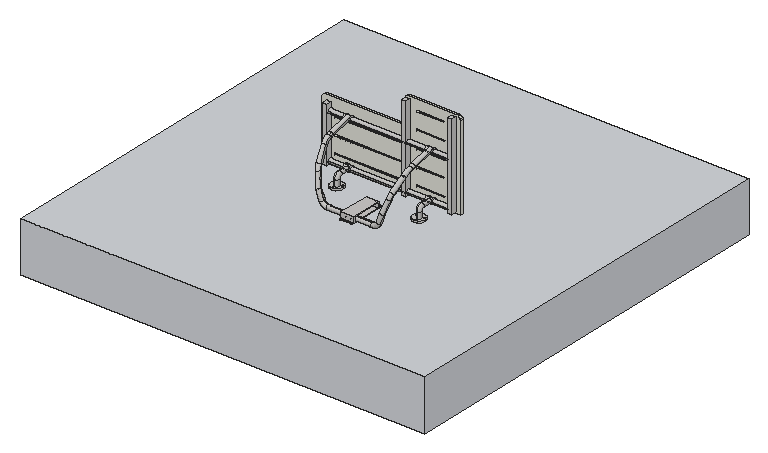
Revit family (continued)
Definition of nested family "Right"
  Definition of nested family "Up Position"
    Parameters (values of type "Support")
      Default Elevation = 4' - 0"
      Copyright = "©Arcat Inc."
      Construction Details = ""
      Building Codes = ""
      Assembly Code = "C1030200"
      Angle = 90.00°
    Reference planes (in)
      plane 1 "Center (Front/Back)": y = 0
      plane 2: z = 0
      plane 3 "Center (Left/Right)": x = 0
      plane 4: y = 6.75
      plane 5: y = -6.75
      plane 6: x = -16
      plane 7: x = 16
      plane 8: z = 12
    Forms (in)
      Extrusion 1, solid
        sketch origin (0, 0, 0) x (1, 0, 0) y (0, 1, 0)
          loop
            line (-48, 48) -> (-48, -48) -> (48, -48) -> (48, 48) -> (-48, 48)
        from 0 to -12
      Sweep 2, solid, material <- "Tube", visible <- "Lock"
        path origin (0, 0, 0) x (1, 0, 0) y (0, 0, 1)
          loop
            line (0, 0.71616) -> (-3.84674, 0.71616)
            arc (-3.84674, 0.71616) -> (-4.76312, 1.0051) -> (-5.34804, 1.76739) r 1.59766
            line (-5.34804, 1.76739) -> (-6.16678, 4.01685)
        profile origin (-1.92337, 0, 0.71616) x (0, 0, -1) y (0, -1, 0)
          loop
            circle (0, 10.05469) r 0.5
      Revolve 3, solid, not visible
        sketch origin (-4.96082, 1.5, 2.49157) x (-0.292372, 0, 0.956305) y (0, -1, 0)
          loop
            line (11.25, 0) -> (11.75, 0) -> (11.75, 5.25) -> (11.25, 5.25) -> (11.25, 0)
          axis (11.25, 0) -> (11.25, 5.25)
        angle from 0 to 360
      Sweep 4, solid, not visible
        path origin (-4.96082, 1.5, 2.49157) x (-0.292372, 0, 0.956305) y (0, -1, 0)
          loop
            line (11.25, 5.25) -> (11.25, 5.9655)
            arc (11.25, 5.9655) -> (11.09688, 6.68136) -> (10.66433, 7.27195) r 1.75
            line (10.66433, 7.27195) -> (6.65381, 10.84619)
        profile origin (-8.25, -4.10775, 13.25) x (0.292372, 0, -0.956305) y (0.956305, 0, 0.292372)
          loop
            circle (0, 0) r 0.5
      Sweep 5, solid, not visible
        path origin (-4.96082, 1.5, 2.49157) x (-0.292372, 0, 0.956305) y (0, -1, 0)
          loop
            line (6.65381, 10.84619) -> (6.23813, 11.26187)
            arc (6.23813, 11.26187) -> (5.72015, 11.6197) -> (5.10905, 11.77108) r 1.75
            line (5.10905, 11.77108) -> (0.66447, 12.04681)
        profile origin (-6.84544, -9.55403, 8.65588) x (0.206738, 0.707107, -0.67621) y (0.956305, 0, 0.292372)
          loop
            circle (0, 0) r 0.5
      Sweep 6, solid, not visible
        path origin (0, 0, 0) x (1, 0, 0) y (0, 0, 1)
          loop
            line (-5.21645, 3.30032) -> (-4.65809, 1.76624)
            arc (-4.65809, 1.76624) -> (-4.0738, 1.00478) -> (-3.15842, 0.71616) r 1.59591
            line (-3.15842, 0.71616) -> (0, 0.71616)
        profile origin (-4.93727, 0, 2.53328) x (0.939693, 0, 0.34202) y (0, -1, 0)
          loop
            circle (0, 10.53906) r 0.5
      Revolve 7, solid, not visible
        sketch origin (4.96082, 1.5, 2.49157) x (0.292372, 0, 0.956305) y (0, 1, 0)
          loop
            line (11.25, 0) -> (11.25, -5.25) -> (11.75, -5.25) -> (11.75, 0) -> (11.25, 0)
          axis (11.25, 0) -> (11.25, -5.25)
        angle from 0 to 360
      Sweep 8, solid, not visible
        path origin (4.96082, 1.5, 2.49157) x (0.292372, 0, 0.956305) y (0, 1, 0)
          loop
            line (11.25, -5.25) -> (11.25, -5.9655)
            arc (11.25, -5.9655) -> (11.09688, -6.68136) -> (10.66433, -7.27195) r 1.75
            line (10.66433, -7.27195) -> (6.65381, -10.84619)
        profile origin (8.25, -4.10775, 13.25) x (0.292372, 0, 0.956305) y (-0.956305, 0, 0.292372)
          loop
            circle (0, 0) r 0.5
      Sweep 9, solid, not visible
        path origin (4.96082, 1.5, 2.49157) x (0.292372, 0, 0.956305) y (0, 1, 0)
          loop
            line (6.65381, -10.84619) -> (6.23813, -11.26187)
            arc (6.23813, -11.26187) -> (5.72015, -11.6197) -> (5.10905, -11.77108) r 1.75
            line (5.10905, -11.77108) -> (0.66447, -12.04681)
        profile origin (6.84544, -9.55403, 8.65588) x (0.206738, -0.707107, 0.67621) y (-0.956305, 0, 0.292372)
          loop
            circle (0, 0) r 0.5
      Sweep 10, solid, not visible
        path origin (0, 0, 0) x (-1, 0, 0) y (0, 0, 1)
          loop
            line (-5.21645, 3.30032) -> (-4.65809, 1.76624)
            arc (-4.65809, 1.76624) -> (-4.0738, 1.00478) -> (-3.15842, 0.71616) r 1.59591
            line (-3.15842, 0.71616) -> (0, 0.71616)
        profile origin (4.93727, 0, 2.53328) x (0.939693, 0, -0.34202) y (0, -1, 0)
          loop
            circle (0, 10.53906) r 0.5
      Sweep 11, solid, material <- "Tube", visible <- "Lock"
        path origin (0, 1.5, 2) x (0, 0, 1) y (0, -1, 0)
          loop
            line (11.25, 0) -> (9.8265, 5.31259)
        profile origin (0, -1.1563, 12.53825) x (0, 0.258819, -0.965926) y (1, 0, 0)
          loop
            circle (0, -8.25) r 0.5
      Sweep 12, solid, material <- "Tube", visible <- "Lock"
        path origin (2.25548, 1.5, 4.46009) x (-0.258819, 0, 0.965926) y (0, -1, 0)
          loop
            line (9.8265, 5.31259) -> (9.63073, 6.04319)
            arc (9.63073, 6.04319) -> (9.24763, 6.92427) -> (8.62366, 7.65484) r 3.25
            line (8.62366, 7.65484) -> (6.16605, 9.79121)
        profile origin (-0.26247, -4.17789, 13.85721) x (0.25, 0.258819, -0.933013) y (0.965926, 0, 0.258819)
          loop
            circle (0, -8.25) r 0.5
      Sweep 13, solid, material <- "Tube", visible <- "Lock"
        path origin (2.25548, 1.5, 4.46009) x (-0.258819, 0, 0.965926) y (0, -1, 0)
          loop
            line (6.16605, 9.79121) -> (5.78463, 10.12278)
            arc (5.78463, 10.12278) -> (5.26674, 10.48205) -> (4.68337, 10.72071) r 2.89483
            line (4.68337, 10.72071) -> (1.61389, 11.60087)
        profile origin (0.70895, -8.457, 10.23182) x (0.169801, 0.75471, -0.633704) y (0.965926, 0, 0.258819)
          loop
            circle (0, -8.25) r 0.5
      Sweep 14, solid, material <- "Tube", visible <- "Lock"
        path origin (0, 0, 0) x (-1, 0, 0) y (0, 0, 1)
          loop
            line (0, 0.71616) -> (-3.84674, 0.71616)
            arc (-3.84674, 0.71616) -> (-4.76312, 1.0051) -> (-5.34804, 1.76739) r 1.59766
            line (-5.34804, 1.76739) -> (-6.16678, 4.01685)
        profile origin (1.92337, 0, 0.71616) x (0, 0, 1) y (0, -1, 0)
          loop
            circle (0, 10.05469) r 0.5
      Sweep 15, solid, material <- "Tube", visible <- "Lock"
        path origin (0, 1.5, 2) x (0, 0, 1) y (0, 1, 0)
          loop
            line (11.25, 0) -> (9.8265, -5.31259)
        profile origin (0, -1.1563, 12.53825) x (0, -0.258819, 0.965926) y (-1, 0, 0)
          loop
            circle (0, -8.25) r 0.5
      Sweep 16, solid, material <- "Tube", visible <- "Lock"
        path origin (-2.25548, 1.5, 4.46009) x (0.258819, 0, 0.965926) y (0, 1, 0)
          loop
            line (9.8265, -5.31259) -> (9.63073, -6.04319)
            arc (9.63073, -6.04319) -> (9.24763, -6.92427) -> (8.62366, -7.65484) r 3.25
            line (8.62366, -7.65484) -> (6.16605, -9.79121)
        profile origin (0.26247, -4.17789, 13.85721) x (0.25, -0.258819, 0.933013) y (-0.965926, 0, 0.258819)
          loop
            circle (0, -8.25) r 0.5
      Sweep 17, solid, material <- "Tube", visible <- "Lock"
        path origin (-2.25548, 1.5, 4.46009) x (0.258819, 0, 0.965926) y (0, 1, 0)
          loop
            line (6.16605, -9.79121) -> (5.78463, -10.12278)
            arc (5.78463, -10.12278) -> (5.26674, -10.48205) -> (4.68337, -10.72071) r 2.89483
            line (4.68337, -10.72071) -> (1.61389, -11.60087)
        profile origin (-0.70895, -8.457, 10.23182) x (0.169801, -0.75471, 0.633704) y (-0.965926, 0, 0.258819)
          loop
            circle (0, -8.25) r 0.5
      Sweep 18, solid, not visible
        path origin (0, 0, 0) x (1, 0, 0) y (0, 0, 1)
          loop
            line (0, 0.71616) -> (-3.84674, 0.71616)
            arc (-3.84674, 0.71616) -> (-4.76312, 1.0051) -> (-5.34804, 1.76739) r 1.59766
            line (-5.34804, 1.76739) -> (-6.16678, 4.01685)
        profile origin (-1.92337, 0, 0.71616) x (0, 0, -1) y (0, -1, 0)
          loop
            circle (0, 10.05469) r 0.5
      Sweep 19, solid, not visible
        path origin (0, 1.5, 2) x (0, 0, 1) y (0, -1, 0)
          loop
            line (11.25, 0) -> (9.8265, 5.31259)
        profile origin (0, -1.1563, 12.53825) x (0, 0.258819, -0.965926) y (1, 0, 0)
          loop
            circle (0, -8.25) r 0.5
      Sweep 20, solid, not visible
        path origin (2.25548, 1.5, 4.46009) x (-0.258819, 0, 0.965926) y (0, -1, 0)
          loop
            line (9.8265, 5.31259) -> (9.63073, 6.04319)
            arc (9.63073, 6.04319) -> (9.24763, 6.92427) -> (8.62366, 7.65484) r 3.25
            line (8.62366, 7.65484) -> (6.16605, 9.79121)
        profile origin (-0.26247, -4.17789, 13.85721) x (0.25, 0.258819, -0.933013) y (0.965926, 0, 0.258819)
          loop
            circle (0, -8.25) r 0.5
      Sweep 21, solid, not visible
        path origin (2.25548, 1.5, 4.46009) x (-0.258819, 0, 0.965926) y (0, -1, 0)
          loop
            line (6.16605, 9.79121) -> (5.78463, 10.12278)
            arc (5.78463, 10.12278) -> (5.26674, 10.48205) -> (4.68337, 10.72071) r 2.89483
            line (4.68337, 10.72071) -> (1.61389, 11.60087)
        profile origin (0.70895, -8.457, 10.23182) x (0.169801, 0.75471, -0.633704) y (0.965926, 0, 0.258819)
          loop
            circle (0, -8.25) r 0.5
      Sweep 22, solid, not visible
        path origin (0, 0, 0) x (-1, 0, 0) y (0, 0, 1)
          loop
            line (0, 0.71616) -> (-3.84674, 0.71616)
            arc (-3.84674, 0.71616) -> (-4.76312, 1.0051) -> (-5.34804, 1.76739) r 1.59766
            line (-5.34804, 1.76739) -> (-6.16678, 4.01685)
        profile origin (1.92337, 0, 0.71616) x (0, 0, 1) y (0, -1, 0)
          loop
            circle (0, 10.05469) r 0.5
      Sweep 23, solid, not visible
        path origin (0, 1.5, 2) x (0, 0, 1) y (0, 1, 0)
          loop
            line (11.25, 0) -> (9.8265, -5.31259)
        profile origin (0, -1.1563, 12.53825) x (0, -0.258819, 0.965926) y (-1, 0, 0)
          loop
            circle (0, -8.25) r 0.5
      Sweep 24, solid, not visible
        path origin (-2.25548, 1.5, 4.46009) x (0.258819, 0, 0.965926) y (0, 1, 0)
          loop
            line (9.8265, -5.31259) -> (9.63073, -6.04319)
            arc (9.63073, -6.04319) -> (9.24763, -6.92427) -> (8.62366, -7.65484) r 3.25
            line (8.62366, -7.65484) -> (6.16605, -9.79121)
        profile origin (0.26247, -4.17789, 13.85721) x (0.25, -0.258819, 0.933013) y (-0.965926, 0, 0.258819)
          loop
            circle (0, -8.25) r 0.5
      Sweep 25, solid, not visible
        path origin (-2.25548, 1.5, 4.46009) x (0.258819, 0, 0.965926) y (0, 1, 0)
          loop
            line (6.16605, -9.79121) -> (5.78463, -10.12278)
            arc (5.78463, -10.12278) -> (5.26674, -10.48205) -> (4.68337, -10.72071) r 2.89483
            line (4.68337, -10.72071) -> (1.61389, -11.60087)
        profile origin (-0.70895, -8.457, 10.23182) x (0.169801, -0.75471, 0.633704) y (-0.965926, 0, 0.258819)
          loop
            circle (0, -8.25) r 0.5
    Dimensions and locks (in)
      plane 8 to level = 1' - 0"
      equal spacing: plane 4, plane 1 "Center (Front/Back)", plane 5
      "Unit Width": plane 4 to plane 5
      equal spacing: plane 6, plane 3 "Center (Left/Right)", plane 7
      "Unit Length": plane 6 to plane 7
      aligned and locked: plane 2 to Extrusion 1
      aligned and locked: level to Extrusion 1
    Automatic sketch dimensions
      Revolve 3 sketch curve to Revolve 3 sketch curve = 0' - 0"
      Revolve 3 sketch curve to Revolve 3 sketch curve = 0' - 0 1/2"  (x3)
      Sweep 4 sketch curve to Sweep 4 sketch curve = 0' - 2.84619"
      Sweep 4 sketch curve to Sweep 4 sketch curve = 0' - 1.16433"
      Sweep 4 sketch curve to Sweep 4 sketch curve = 0' - 0.7155"
      Sweep 4 sketch curve to profile plane = 0' - 0"  (x2)
      Sweep 5 sketch curve to Sweep 5 sketch curve = 0' - 4.33622"
      Sweep 5 sketch curve to Sweep 5 sketch curve = 0' - 0.10836"
      Sweep 5 sketch curve to Sweep 5 sketch curve = 0' - 1.12908"
      Sweep 5 sketch curve to Sweep 5 sketch curve = 0' - 0.41568"  (x2)
      Sweep 5 sketch curve to profile plane = 0' - 0"  (x2)
      Sweep 6 sketch curve to Sweep 6 sketch curve = 0' - 1.49967"
      Sweep 6 sketch curve to Sweep 6 sketch curve = 0' - 0.55836"
      Sweep 6 sketch curve to profile plane = 0' - 0"
      Revolve 7 sketch curve to Revolve 7 sketch curve = 0' - 0"
      Revolve 7 sketch curve to Revolve 7 sketch curve = 0' - 0 1/2"  (x3)
      Sweep 8 sketch curve to Sweep 8 sketch curve = 0' - 2.84619"
      Sweep 8 sketch curve to Sweep 8 sketch curve = 0' - 1.16433"
      Sweep 8 sketch curve to Sweep 8 sketch curve = 0' - 0.7155"
      Sweep 8 sketch curve to profile plane = 0' - 0"  (x2)
      Sweep 9 sketch curve to Sweep 9 sketch curve = 0' - 4.33622"
      Sweep 9 sketch curve to Sweep 9 sketch curve = 0' - 0.10836"
      Sweep 9 sketch curve to Sweep 9 sketch curve = 0' - 1.12908"
      Sweep 9 sketch curve to Sweep 9 sketch curve = 0' - 0.41568"  (x2)
      Sweep 9 sketch curve to profile plane = 0' - 0"  (x2)
      Sweep 10 sketch curve to Sweep 10 sketch curve = 0' - 3.15842"
      Sweep 10 sketch curve to Sweep 10 sketch curve = 0' - 1.49967"
      Sweep 10 sketch curve to Sweep 10 sketch curve = 0' - 0.55836"
      Sweep 10 sketch curve to profile plane = 0' - 0"
      Revolve 3 sketch curve to Revolve 3 sketch curve = 0' - 4 3/4"
      Sweep 4 sketch curve to Sweep 4 sketch curve = 0' - 0.58567"
      Sweep 4 sketch curve to Sweep 4 sketch curve = 0' - 3.57424"
      Sweep 5 sketch curve to Sweep 5 sketch curve = 0' - 0.82176"
      Sweep 5 sketch curve to Sweep 5 sketch curve = 0' - 0.27573"
      Sweep 6 sketch curve to Sweep 6 sketch curve = 0' - 3.15842"
      Sweep 6 sketch curve to Sweep 6 sketch curve = 0' - 1.05008"
      Sweep 6 sketch curve to Sweep 6 sketch curve = 0' - 1.53408"
      profile plane to Sweep 6 sketch curve = 0' - 10 69/128"
      Revolve 7 sketch curve to Revolve 7 sketch curve = 0' - 4 3/4"
      Sweep 8 sketch curve to Sweep 8 sketch curve = 0' - 0.58567"
      Sweep 8 sketch curve to Sweep 8 sketch curve = 0' - 3.57424"
      Sweep 9 sketch curve to Sweep 9 sketch curve = 0' - 0.27573"
      Sweep 9 sketch curve to Sweep 9 sketch curve = 0' - 0.50921"
      Sweep 10 sketch curve to Sweep 10 sketch curve = 0' - 1.05008"
      Sweep 10 sketch curve to Sweep 10 sketch curve = 0' - 1.53408"
      profile plane to Sweep 10 sketch curve = 0' - 10 69/128"
      Extrusion 1 sketch curve to Extrusion 1 sketch curve = 8' - 0"  (x2)
      Sweep 2 sketch curve to Sweep 2 sketch curve = 0' - 1.50131"
      Sweep 2 sketch curve to Sweep 2 sketch curve = 0' - 0.81874"
      Sweep 2 sketch curve to profile plane = 0' - 0"
      Sweep 11 sketch curve to profile plane = 0' - 0"
      Sweep 11 sketch curve to profile plane = 0' - 8 1/4"
      Sweep 12 sketch curve to Sweep 12 sketch curve = 0' - 0.32543"
      Sweep 12 sketch curve to Sweep 12 sketch curve = 0' - 2.13219"
      Sweep 12 sketch curve to Sweep 12 sketch curve = 0' - 1.00707"
      Sweep 12 sketch curve to Sweep 12 sketch curve = 0' - 0.19576"
      Sweep 12 sketch curve to Sweep 12 sketch curve = 0' - 2.45281"
      Sweep 12 sketch curve to profile plane = 0' - 0"
      Sweep 12 sketch curve to profile plane = 0' - 8 1/4"
      Sweep 13 sketch curve to Sweep 13 sketch curve = 0' - 2.27155"
      Sweep 13 sketch curve to Sweep 13 sketch curve = 0' - 0.79792"
      Sweep 13 sketch curve to Sweep 13 sketch curve = 0' - 1.10126"
      Sweep 13 sketch curve to Sweep 13 sketch curve = 0' - 0.38142"
      Sweep 13 sketch curve to profile plane = 0' - 0"
      Sweep 13 sketch curve to profile plane = 0' - 8 1/4"
      Sweep 14 sketch curve to Sweep 14 sketch curve = 0' - 3.84674"
      Sweep 14 sketch curve to Sweep 14 sketch curve = 0' - 1.50131"
      Sweep 14 sketch curve to Sweep 14 sketch curve = 0' - 0.81874"
      Sweep 14 sketch curve to profile plane = 0' - 0"
      Sweep 15 sketch curve to profile plane = 0' - 0"
      Sweep 15 sketch curve to profile plane = 0' - 8 1/4"
      Sweep 16 sketch curve to Sweep 16 sketch curve = 0' - 0.32543"
      Sweep 16 sketch curve to Sweep 16 sketch curve = 0' - 2.13219"
      Sweep 16 sketch curve to Sweep 16 sketch curve = 0' - 1.00707"
      Sweep 16 sketch curve to Sweep 16 sketch curve = 0' - 0.19576"
      Sweep 16 sketch curve to Sweep 16 sketch curve = 0' - 0.7306"
      Sweep 16 sketch curve to profile plane = 0' - 0"
      Sweep 16 sketch curve to profile plane = 0' - 8 1/4"
      Sweep 17 sketch curve to Sweep 17 sketch curve = 0' - 2.27155"
      Sweep 17 sketch curve to Sweep 17 sketch curve = 0' - 0.79792"
      Sweep 17 sketch curve to Sweep 17 sketch curve = 0' - 1.10126"
      Sweep 17 sketch curve to Sweep 17 sketch curve = 0' - 0.38142"
      Sweep 17 sketch curve to profile plane = 0' - 0"
      Sweep 17 sketch curve to profile plane = 0' - 8 1/4"
      Sweep 2 sketch curve to Sweep 2 sketch curve = 0' - 3.84674"
      Sweep 2 sketch curve to Sweep 2 sketch curve = 0' - 1.05123"
      Sweep 2 sketch curve to Sweep 2 sketch curve = 0' - 2.24947"
      profile plane to Sweep 2 sketch curve = 0' - 10 7/128"
      Sweep 11 sketch curve to Sweep 11 sketch curve = 0' - 1.4235"
      Sweep 11 sketch curve to Sweep 11 sketch curve = 0' - 5.31259"
      Sweep 12 sketch curve to Sweep 12 sketch curve = 0' - 0.7306"
      Sweep 12 sketch curve to Sweep 12 sketch curve = 0' - 2.13637"
      Sweep 13 sketch curve to Sweep 13 sketch curve = 0' - 1.85319"
      Sweep 13 sketch curve to Sweep 13 sketch curve = 0' - 0.33156"
      Sweep 13 sketch curve to Sweep 13 sketch curve = 0' - 0.88016"
      Sweep 14 sketch curve to Sweep 14 sketch curve = 0' - 1.05123"
      Sweep 14 sketch curve to Sweep 14 sketch curve = 0' - 2.24947"
      profile plane to Sweep 14 sketch curve = 0' - 10 7/128"
      Sweep 15 sketch curve to Sweep 15 sketch curve = 0' - 1.4235"
      Sweep 15 sketch curve to Sweep 15 sketch curve = 0' - 5.31259"
      Sweep 16 sketch curve to Sweep 16 sketch curve = 0' - 2.13637"
      Sweep 16 sketch curve to Sweep 16 sketch curve = 0' - 1.61164"
      Sweep 17 sketch curve to Sweep 17 sketch curve = 0' - 0.88016"
      Sweep 17 sketch curve to Sweep 17 sketch curve = 0' - 0.59793"
      Sweep 17 sketch curve to Sweep 17 sketch curve = 0' - 0.33156"
      Sweep 18 sketch curve to Sweep 18 sketch curve = 0' - 1.50131"
      Sweep 18 sketch curve to Sweep 18 sketch curve = 0' - 0.81874"
      Sweep 18 sketch curve to profile plane = 0' - 0"
      Sweep 19 sketch curve to profile plane = 0' - 0"
      Sweep 19 sketch curve to profile plane = 0' - 8 1/4"
      Sweep 20 sketch curve to Sweep 20 sketch curve = 0' - 0.32543"
      Sweep 20 sketch curve to Sweep 20 sketch curve = 0' - 2.13219"
      Sweep 20 sketch curve to Sweep 20 sketch curve = 0' - 1.00707"
      Sweep 20 sketch curve to Sweep 20 sketch curve = 0' - 0.19576"
      Sweep 20 sketch curve to Sweep 20 sketch curve = 0' - 2.45281"
      Sweep 20 sketch curve to profile plane = 0' - 0"
      Sweep 20 sketch curve to profile plane = 0' - 8 1/4"
      Sweep 21 sketch curve to Sweep 21 sketch curve = 0' - 2.27155"
      Sweep 21 sketch curve to Sweep 21 sketch curve = 0' - 0.79792"
      Sweep 21 sketch curve to Sweep 21 sketch curve = 0' - 1.10126"
      Sweep 21 sketch curve to Sweep 21 sketch curve = 0' - 0.38142"
      Sweep 21 sketch curve to profile plane = 0' - 0"
      Sweep 21 sketch curve to profile plane = 0' - 8 1/4"
      Sweep 22 sketch curve to Sweep 22 sketch curve = 0' - 3.84674"
      Sweep 22 sketch curve to Sweep 22 sketch curve = 0' - 1.50131"
      Sweep 22 sketch curve to Sweep 22 sketch curve = 0' - 0.81874"
      Sweep 22 sketch curve to profile plane = 0' - 0"
      Sweep 23 sketch curve to profile plane = 0' - 0"
      Sweep 23 sketch curve to profile plane = 0' - 8 1/4"
      Sweep 24 sketch curve to Sweep 24 sketch curve = 0' - 0.32543"
      Sweep 24 sketch curve to Sweep 24 sketch curve = 0' - 2.13219"
      Sweep 24 sketch curve to Sweep 24 sketch curve = 0' - 1.00707"
      Sweep 24 sketch curve to Sweep 24 sketch curve = 0' - 0.19576"
      Sweep 24 sketch curve to Sweep 24 sketch curve = 0' - 0.7306"
      Sweep 24 sketch curve to profile plane = 0' - 0"
      Sweep 24 sketch curve to profile plane = 0' - 8 1/4"
      Sweep 25 sketch curve to Sweep 25 sketch curve = 0' - 2.27155"
      Sweep 25 sketch curve to Sweep 25 sketch curve = 0' - 0.79792"
      Sweep 25 sketch curve to Sweep 25 sketch curve = 0' - 1.10126"
      Sweep 25 sketch curve to Sweep 25 sketch curve = 0' - 0.38142"
      Sweep 25 sketch curve to profile plane = 0' - 0"
      Sweep 25 sketch curve to profile plane = 0' - 8 1/4"
      Sweep 18 sketch curve to Sweep 18 sketch curve = 0' - 3.84674"
      Sweep 18 sketch curve to Sweep 18 sketch curve = 0' - 1.05123"
      Sweep 18 sketch curve to Sweep 18 sketch curve = 0' - 2.24947"
      profile plane to Sweep 18 sketch curve = 0' - 10 7/128"
      Sweep 19 sketch curve to Sweep 19 sketch curve = 0' - 1.4235"
      Sweep 19 sketch curve to Sweep 19 sketch curve = 0' - 5.31259"
      Sweep 20 sketch curve to Sweep 20 sketch curve = 0' - 0.7306"
      Sweep 20 sketch curve to Sweep 20 sketch curve = 0' - 2.13637"
      Sweep 21 sketch curve to Sweep 21 sketch curve = 0' - 1.85319"
      Sweep 21 sketch curve to Sweep 21 sketch curve = 0' - 0.33156"
      Sweep 21 sketch curve to Sweep 21 sketch curve = 0' - 0.88016"
      Sweep 22 sketch curve to Sweep 22 sketch curve = 0' - 1.05123"
      Sweep 22 sketch curve to Sweep 22 sketch curve = 0' - 2.24947"
      profile plane to Sweep 22 sketch curve = 0' - 10 7/128"
      Sweep 23 sketch curve to Sweep 23 sketch curve = 0' - 1.4235"
      Sweep 23 sketch curve to Sweep 23 sketch curve = 0' - 5.31259"
      Sweep 24 sketch curve to Sweep 24 sketch curve = 0' - 2.13637"
      Sweep 24 sketch curve to Sweep 24 sketch curve = 0' - 1.61164"
      Sweep 25 sketch curve to Sweep 25 sketch curve = 0' - 0.88016"
      Sweep 25 sketch curve to Sweep 25 sketch curve = 0' - 0.59793"
      Sweep 25 sketch curve to Sweep 25 sketch curve = 0' - 0.33156"
      Sweep 2 sketch curve to plane 3 "Center (Left/Right)" = 0' - 0"
      level to Sweep 2 sketch curve = 0' - 0.71616"
      Sweep 11 sketch curve to plane 8 = 0' - 0.1735"
      Sweep 12 sketch curve to plane 5 = 0' - 1.54121"
      Sweep 13 sketch curve to plane 5 = 0' - 3.35087"
      Sweep 14 sketch curve to plane 3 "Center (Left/Right)" = 0' - 0"
      Sweep 14 sketch curve to level = 0' - 0.71616"
      Sweep 15 sketch curve to plane 8 = 0' - 0.1735"
      Sweep 16 sketch curve to plane 5 = 0' - 1.54121"
      Sweep 17 sketch curve to plane 5 = 0' - 3.35087"
      Sweep 11 sketch curve to plane 1 "Center (Front/Back)" = 0' - 1 1/2"
      plane 5 to Sweep 15 sketch curve = 0' - 2.93741"
      radius of Sweep 4 sketch curve = 0' - 0 1/2"
      radius of Sweep 5 sketch curve = 0' - 0 1/2"
      radius of Sweep 6 sketch curve = 0' - 0 1/2"
      radius of Sweep 8 sketch curve = 0' - 0 1/2"
      radius of Sweep 9 sketch curve = 0' - 0 1/2"
      radius of Sweep 10 sketch curve = 0' - 0 1/2"
      radius of Sweep 2 sketch curve = 0' - 0 1/2"
      radius of Sweep 11 sketch curve = 0' - 0 1/2"
      radius of Sweep 12 sketch curve = 0' - 0 1/2"
      radius of Sweep 13 sketch curve = 0' - 0 1/2"
      radius of Sweep 14 sketch curve = 0' - 0 1/2"
      radius of Sweep 15 sketch curve = 0' - 0 1/2"
      radius of Sweep 16 sketch curve = 0' - 0 1/2"
      radius of Sweep 17 sketch curve = 0' - 0 1/2"
      radius of Sweep 18 sketch curve = 0' - 0 1/2"
      radius of Sweep 19 sketch curve = 0' - 0 1/2"
      radius of Sweep 20 sketch curve = 0' - 0 1/2"
      radius of Sweep 21 sketch curve = 0' - 0 1/2"
      radius of Sweep 22 sketch curve = 0' - 0 1/2"
      radius of Sweep 23 sketch curve = 0' - 0 1/2"
      radius of Sweep 24 sketch curve = 0' - 0 1/2"
      radius of Sweep 25 sketch curve = 0' - 0 1/2"
Definition of nested family "Up Position"
  Parameters (values of type "Up Position")
    Warranty Duration (Years) = 0
    Unlock [instance] = yes
    Unit Width = 1' - 1 1/2"
    Unit Length = 2' - 8"
    Unit Depth = 0' - 0"
    URL = "http://www.accessabledesigns.com/default.htm"
    Tube = none
    Test Data = ""
    Specification = "http://arcat.com/sd/clients/accessab.html?coid=41334"
    SpecWizard = ""
    Send Message = "http://www.arcat.com/users.pl?action=UserEmail&company=Access-Able+Designs,+Inc.&coid=41334&rep=145&fax=772-872-3200&mf="
    Sales Information = "http://www.accessabledesigns.com/contact.htm"
    Revision = "R1_7_2012"
    Product Properties = ""
    Product Data = "http://arcat.com/arcatcos/cos41/arc41334.html?isac=1&r=1"
    Model = "As Specified"
    Manufacturer Website = "http://www.accessabledesigns.com/default.htm"
    Manufacturer Phone - Toll Free = "877-853-7816"
    Manufacturer Phone = ""
    Manufacturer Fax = "772-872-3200"
    Manufacturer Address = "494 53rd Square Vero Beach, FL 32968"
    Manufacturer = "Access-able Designs, Inc."
    Maintenance Schedule (Months) = 0
    Keynote = "10820"
    Installation-Fabrication = ""
    Installation Phase = ""
    Green Building-LEED = ""
    Expected Lifespan (Years) = 0
    Drawn By = "Sumex Design, Inc. / Robert S. Weygant, CSI, CDT, SCIP"
    Description = "Access-able Designs Product as Specified"
    Default Elevation = 4' - 0"
    Copyright = "©Arcat Inc."
    Construction Details = ""
    Building Codes = ""
    Assembly Code = "C1030200"
    Angle = 90.00°
  Reference planes (in)
    plane 1 "Center (Front/Back)": y = 0
    plane 2: z = 0
    plane 3 "Center (Left/Right)": x = 0
    plane 4: y = 6.75
    plane 5: y = -6.75
    plane 6: x = -16
    plane 7: x = 16
    plane 8: z = 12
    plane 9 "L": through (-7.39541, -180, 8.60215) normal (0.9659, 0, 0.2588)
    plane 10: x = -8.29236
  Forms (in)
    Extrusion 1, solid
      sketch origin (0, 0, 0) x (1, 0, 0) y (0, 1, 0)
        loop
          line (-48, 48) -> (-48, -48) -> (48, -48) -> (48, 48) -> (-48, 48)
      from 0 to -12
    Revolve 2, solid, not visible
      sketch origin (-4.96082, 1.5, 2.49157) x (-0.292372, 0, 0.956305) y (0, -1, 0)
        loop
          line (11.25, 0) -> (11.75, 0) -> (11.75, 5.25) -> (11.25, 5.25) -> (11.25, 0)
        axis (11.25, 0) -> (11.25, 5.25)
      angle from 0 to 360
    Sweep 3, solid, not visible
      path origin (-4.96082, 1.5, 2.49157) x (-0.292372, 0, 0.956305) y (0, -1, 0)
        loop
          line (11.25, 5.25) -> (11.25, 5.9655)
          arc (11.25, 5.9655) -> (11.09688, 6.68136) -> (10.66433, 7.27195) r 1.75
          line (10.66433, 7.27195) -> (6.65381, 10.84619)
      profile origin (-8.25, -4.10775, 13.25) x (0.292372, 0, -0.956305) y (0.956305, 0, 0.292372)
        loop
          circle (0, 0) r 0.5
    Sweep 4, solid, not visible
      path origin (-4.96082, 1.5, 2.49157) x (-0.292372, 0, 0.956305) y (0, -1, 0)
        loop
          line (6.65381, 10.84619) -> (6.23813, 11.26187)
          arc (6.23813, 11.26187) -> (5.72015, 11.6197) -> (5.10905, 11.77108) r 1.75
          line (5.10905, 11.77108) -> (0.66447, 12.04681)
      profile origin (-6.84544, -9.55403, 8.65588) x (0.206738, 0.707107, -0.67621) y (0.956305, 0, 0.292372)
        loop
          circle (0, 0) r 0.5
    Sweep 5, solid, not visible
      path origin (0, 0, 0) x (1, 0, 0) y (0, 0, 1)
        loop
          line (-5.21645, 3.30032) -> (-4.65809, 1.76624)
          arc (-4.65809, 1.76624) -> (-4.0738, 1.00478) -> (-3.15842, 0.71616) r 1.59591
          line (-3.15842, 0.71616) -> (0, 0.71616)
      profile origin (-4.93727, 0, 2.53328) x (0.939693, 0, 0.34202) y (0, -1, 0)
        loop
          circle (0, 10.53906) r 0.5
    Revolve 6, solid, not visible
      sketch origin (4.96082, 1.5, 2.49157) x (0.292372, 0, 0.956305) y (0, 1, 0)
        loop
          line (11.25, 0) -> (11.25, -5.25) -> (11.75, -5.25) -> (11.75, 0) -> (11.25, 0)
        axis (11.25, 0) -> (11.25, -5.25)
      angle from 0 to 360
    Sweep 7, solid, not visible
      path origin (4.96082, 1.5, 2.49157) x (0.292372, 0, 0.956305) y (0, 1, 0)
        loop
          line (11.25, -5.25) -> (11.25, -5.9655)
          arc (11.25, -5.9655) -> (11.09688, -6.68136) -> (10.66433, -7.27195) r 1.75
          line (10.66433, -7.27195) -> (6.65381, -10.84619)
      profile origin (8.25, -4.10775, 13.25) x (0.292372, 0, 0.956305) y (-0.956305, 0, 0.292372)
        loop
          circle (0, 0) r 0.5
    Sweep 8, solid, not visible
      path origin (4.96082, 1.5, 2.49157) x (0.292372, 0, 0.956305) y (0, 1, 0)
        loop
          line (6.65381, -10.84619) -> (6.23813, -11.26187)
          arc (6.23813, -11.26187) -> (5.72015, -11.6197) -> (5.10905, -11.77108) r 1.75
          line (5.10905, -11.77108) -> (0.66447, -12.04681)
      profile origin (6.84544, -9.55403, 8.65588) x (0.206738, -0.707107, 0.67621) y (-0.956305, 0, 0.292372)
        loop
          circle (0, 0) r 0.5
    Sweep 9, solid, not visible
      path origin (0, 0, 0) x (-1, 0, 0) y (0, 0, 1)
        loop
          line (-5.21645, 3.30032) -> (-4.65809, 1.76624)
          arc (-4.65809, 1.76624) -> (-4.0738, 1.00478) -> (-3.15842, 0.71616) r 1.59591
          line (-3.15842, 0.71616) -> (0, 0.71616)
      profile origin (4.93727, 0, 2.53328) x (0.939693, 0, -0.34202) y (0, -1, 0)
        loop
          circle (0, 10.53906) r 0.5
    Sweep 10, solid, not visible
      path origin (0, 0, 0) x (1, 0, 0) y (0, 0, 1)
        loop
          line (0, 0.71616) -> (-3.84674, 0.71616)
          arc (-3.84674, 0.71616) -> (-4.76312, 1.0051) -> (-5.34804, 1.76739) r 1.59766
          line (-5.34804, 1.76739) -> (-6.16678, 4.01685)
      profile origin (-1.92337, 0, 0.71616) x (0, 0, -1) y (0, -1, 0)
        loop
          circle (0, 10.05469) r 0.5
    Sweep 11, solid, not visible
      path origin (0, 1.5, 2) x (0, 0, 1) y (0, -1, 0)
        loop
          line (11.25, 0) -> (9.8265, 5.31259)
      profile origin (0, -1.1563, 12.53825) x (0, 0.258819, -0.965926) y (1, 0, 0)
        loop
          circle (0, -8.25) r 0.5
    Sweep 12, solid, not visible
      path origin (2.25548, 1.5, 4.46009) x (-0.258819, 0, 0.965926) y (0, -1, 0)
        loop
          line (9.8265, 5.31259) -> (9.63073, 6.04319)
          arc (9.63073, 6.04319) -> (9.24763, 6.92427) -> (8.62366, 7.65484) r 3.25
          line (8.62366, 7.65484) -> (6.16605, 9.79121)
      profile origin (-0.26247, -4.17789, 13.85721) x (0.25, 0.258819, -0.933013) y (0.965926, 0, 0.258819)
        loop
          circle (0, -8.25) r 0.5
    Sweep 13, solid, not visible
      path origin (2.25548, 1.5, 4.46009) x (-0.258819, 0, 0.965926) y (0, -1, 0)
        loop
          line (6.16605, 9.79121) -> (5.78463, 10.12278)
          arc (5.78463, 10.12278) -> (5.26674, 10.48205) -> (4.68337, 10.72071) r 2.89483
          line (4.68337, 10.72071) -> (1.61389, 11.60087)
      profile origin (0.70895, -8.457, 10.23182) x (0.169801, 0.75471, -0.633704) y (0.965926, 0, 0.258819)
        loop
          circle (0, -8.25) r 0.5
    Sweep 14, solid, not visible
      path origin (0, 0, 0) x (-1, 0, 0) y (0, 0, 1)
        loop
          line (0, 0.71616) -> (-3.84674, 0.71616)
          arc (-3.84674, 0.71616) -> (-4.76312, 1.0051) -> (-5.34804, 1.76739) r 1.59766
          line (-5.34804, 1.76739) -> (-6.16678, 4.01685)
      profile origin (1.92337, 0, 0.71616) x (0, 0, 1) y (0, -1, 0)
        loop
          circle (0, 10.05469) r 0.5
    Sweep 15, solid, not visible
      path origin (0, 1.5, 2) x (0, 0, 1) y (0, 1, 0)
        loop
          line (11.25, 0) -> (9.8265, -5.31259)
      profile origin (0, -1.1563, 12.53825) x (0, -0.258819, 0.965926) y (-1, 0, 0)
        loop
          circle (0, -8.25) r 0.5
    Sweep 16, solid, not visible
      path origin (-2.25548, 1.5, 4.46009) x (0.258819, 0, 0.965926) y (0, 1, 0)
        loop
          line (9.8265, -5.31259) -> (9.63073, -6.04319)
          arc (9.63073, -6.04319) -> (9.24763, -6.92427) -> (8.62366, -7.65484) r 3.25
          line (8.62366, -7.65484) -> (6.16605, -9.79121)
      profile origin (0.26247, -4.17789, 13.85721) x (0.25, -0.258819, 0.933013) y (-0.965926, 0, 0.258819)
        loop
          circle (0, -8.25) r 0.5
    Sweep 17, solid, not visible
      path origin (-2.25548, 1.5, 4.46009) x (0.258819, 0, 0.965926) y (0, 1, 0)
        loop
          line (6.16605, -9.79121) -> (5.78463, -10.12278)
          arc (5.78463, -10.12278) -> (5.26674, -10.48205) -> (4.68337, -10.72071) r 2.89483
          line (4.68337, -10.72071) -> (1.61389, -11.60087)
      profile origin (-0.70895, -8.457, 10.23182) x (0.169801, -0.75471, 0.633704) y (-0.965926, 0, 0.258819)
        loop
          circle (0, -8.25) r 0.5
    Sweep 18, solid, material <- "Tube", visible <- "Unlock"
      path in 3D
        loop
          line (9.79236, 10.64473, 13.07715) -> (9.79236, 6.28828, 11.94962) -> (9.74169, 5.55767, 11.76053)
          arc (9.74169, 5.55767, 11.76053) -> (9.64254, 4.6766, 11.39048) -> (9.48104, 3.94603, 10.78777) r 3.25
          line (9.48104, 3.94603, 10.78777) -> (8.74539, 1.47521, 8.04227)
          arc (8.74539, 1.47521, 8.04227) -> (8.61227, 1.1184, 7.54545) -> (8.46231, 0.88137, 6.98582) r 2.875
          line (8.46231, 0.88137, 6.98582) -> (7.66678, 0, 4.01685) -> (6.85459, 0, 1.78538)
          arc (6.85459, 0, 1.78538) -> (6.25965, 0, 1.01004) -> (5.32759, 0, 0.71616) r 1.625
          line (5.32759, 0, 0.71616) -> (-5.32759, 0, 0.71616)
          arc (-5.32759, 0, 0.71616) -> (-6.25965, 0, 1.01004) -> (-6.85459, 0, 1.78538) r 1.625
          line (-6.85459, 0, 1.78538) -> (-7.66678, 0, 4.01685) -> (-8.46231, 0.88137, 6.98582)
          arc (-8.46231, 0.88137, 6.98582) -> (-8.61227, 1.1184, 7.54545) -> (-8.74539, 1.47521, 8.04227) r 2.875
          line (-8.74539, 1.47521, 8.04227) -> (-9.48104, 3.94603, 10.78777)
          arc (-9.48104, 3.94603, 10.78777) -> (-9.64254, 4.6766, 11.39048) -> (-9.74169, 5.55767, 11.76053) r 3.25
          line (-9.74169, 5.55767, 11.76053) -> (-9.79236, 6.28828, 11.94962) -> (-9.79236, 10.64473, 13.07715)
      profile origin (7.26069, 0, 2.90112) x (0.939693, 0, -0.34202) y (0, -1, 0)
        loop
          circle (0, 0) r 0.5
  Lines and regions (in)
    sketch lines
      curve 1: line (7.66678, 0, 4.01685) -> (6.85459, 0, 1.78538)
      curve 2: arc (6.85459, 0, 1.78538) -> (6.25965, 0, 1.01004) -> (5.32759, 0, 0.71616) r 1.625
      curve 3: line (5.32759, 0, 0.71616) -> (-5.32759, 0, 0.71616)
      curve 4: arc (-6.85459, 0, 1.78538) -> (-6.25965, 0, 1.01004) -> (-5.32759, 0, 0.71616) r 1.625
      curve 5: line (-7.66678, 0, 4.01685) -> (-6.85459, 0, 1.78538)
      curve 6: line (-7.66678, 0, 4.01685) -> (-8.46231, 0.88137, 6.98582)
      curve 7: arc (-8.46231, 0.88137, 6.98582) -> (-8.61227, 1.1184, 7.54545) -> (-8.74539, 1.47521, 8.04227) r 2.875
      curve 8: line (-9.48104, 3.94603, 10.78777) -> (-8.74539, 1.47521, 8.04227)
      curve 9: arc (-9.48104, 3.94603, 10.78777) -> (-9.64254, 4.6766, 11.39048) -> (-9.74169, 5.55767, 11.76053) r 3.25
      curve 10: line (-9.79236, 6.28828, 11.94962) -> (-9.74169, 5.55767, 11.76053)
      curve 11: line (-9.79236, 6.28828, 11.94962) -> (-9.79236, 10.64473, 13.07715)
      curve 12: line (7.66678, 0, 4.01685) -> (8.46231, 0.88137, 6.98582)
      curve 13: arc (8.46231, 0.88137, 6.98582) -> (8.61227, 1.1184, 7.54545) -> (8.74539, 1.47521, 8.04227) r 2.875
      curve 14: line (9.48104, 3.94603, 10.78777) -> (8.74539, 1.47521, 8.04227)
      curve 15: arc (9.48104, 3.94603, 10.78777) -> (9.64254, 4.6766, 11.39048) -> (9.74169, 5.55767, 11.76053) r 3.25
      curve 16: line (9.79236, 6.28828, 11.94962) -> (9.74169, 5.55767, 11.76053)
      curve 17: line (9.79236, 6.28828, 11.94962) -> (9.79236, 10.64473, 13.07715)
  Dimensions and locks (in)
    plane 8 to level = 1' - 0"
    equal spacing: plane 4, plane 1 "Center (Front/Back)", plane 5
    "Unit Width": plane 4 to plane 5
    equal spacing: plane 6, plane 3 "Center (Left/Right)", plane 7
    "Unit Length": plane 6 to plane 7
    aligned and locked: plane 2 to Extrusion 1
    aligned and locked: level to Extrusion 1
  Automatic sketch dimensions
    Revolve 2 sketch curve to Revolve 2 sketch curve = 0' - 0"
    Revolve 2 sketch curve to Revolve 2 sketch curve = 0' - 0 1/2"  (x3)
    Sweep 3 sketch curve to Sweep 3 sketch curve = 0' - 2.84619"
    Sweep 3 sketch curve to Sweep 3 sketch curve = 0' - 1.16433"
    Sweep 3 sketch curve to Sweep 3 sketch curve = 0' - 0.7155"
    Sweep 3 sketch curve to profile plane = 0' - 0"  (x2)
    Sweep 4 sketch curve to Sweep 4 sketch curve = 0' - 4.33622"
    Sweep 4 sketch curve to Sweep 4 sketch curve = 0' - 0.10836"
    Sweep 4 sketch curve to Sweep 4 sketch curve = 0' - 1.12908"
    Sweep 4 sketch curve to Sweep 4 sketch curve = 0' - 0.41568"  (x2)
    Sweep 4 sketch curve to profile plane = 0' - 0"  (x2)
    Sweep 5 sketch curve to Sweep 5 sketch curve = 0' - 1.49967"
    Sweep 5 sketch curve to Sweep 5 sketch curve = 0' - 0.55836"
    Sweep 5 sketch curve to profile plane = 0' - 0"
    Revolve 6 sketch curve to Revolve 6 sketch curve = 0' - 0"
    Revolve 6 sketch curve to Revolve 6 sketch curve = 0' - 0 1/2"  (x3)
    Sweep 7 sketch curve to Sweep 7 sketch curve = 0' - 2.84619"
    Sweep 7 sketch curve to Sweep 7 sketch curve = 0' - 1.16433"
    Sweep 7 sketch curve to Sweep 7 sketch curve = 0' - 0.7155"
    Sweep 7 sketch curve to profile plane = 0' - 0"  (x2)
    Sweep 8 sketch curve to Sweep 8 sketch curve = 0' - 4.33622"
    Sweep 8 sketch curve to Sweep 8 sketch curve = 0' - 0.10836"
    Sweep 8 sketch curve to Sweep 8 sketch curve = 0' - 1.12908"
    Sweep 8 sketch curve to Sweep 8 sketch curve = 0' - 0.41568"  (x2)
    Sweep 8 sketch curve to profile plane = 0' - 0"  (x2)
    Sweep 9 sketch curve to Sweep 9 sketch curve = 0' - 3.15842"
    Sweep 9 sketch curve to Sweep 9 sketch curve = 0' - 1.49967"
    Sweep 9 sketch curve to Sweep 9 sketch curve = 0' - 0.55836"
    Sweep 9 sketch curve to profile plane = 0' - 0"
    Revolve 2 sketch curve to Revolve 2 sketch curve = 0' - 4 3/4"
    Sweep 3 sketch curve to Sweep 3 sketch curve = 0' - 0.58567"
    Sweep 3 sketch curve to Sweep 3 sketch curve = 0' - 3.57424"
    Sweep 4 sketch curve to Sweep 4 sketch curve = 0' - 0.82176"
    Sweep 4 sketch curve to Sweep 4 sketch curve = 0' - 0.27573"
    Sweep 5 sketch curve to Sweep 5 sketch curve = 0' - 3.15842"
    Sweep 5 sketch curve to Sweep 5 sketch curve = 0' - 1.05008"
    Sweep 5 sketch curve to Sweep 5 sketch curve = 0' - 1.53408"
    profile plane to Sweep 5 sketch curve = 0' - 10 69/128"
    Revolve 6 sketch curve to Revolve 6 sketch curve = 0' - 4 3/4"
    Sweep 7 sketch curve to Sweep 7 sketch curve = 0' - 0.58567"
    Sweep 7 sketch curve to Sweep 7 sketch curve = 0' - 3.57424"
    Sweep 8 sketch curve to Sweep 8 sketch curve = 0' - 0.27573"
    Sweep 8 sketch curve to Sweep 8 sketch curve = 0' - 0.50921"
    Sweep 9 sketch curve to Sweep 9 sketch curve = 0' - 1.05008"
    Sweep 9 sketch curve to Sweep 9 sketch curve = 0' - 1.53408"
    profile plane to Sweep 9 sketch curve = 0' - 10 69/128"
    Extrusion 1 sketch curve to Extrusion 1 sketch curve = 8' - 0"  (x2)
    Sweep 10 sketch curve to Sweep 10 sketch curve = 0' - 1.50131"
    Sweep 10 sketch curve to Sweep 10 sketch curve = 0' - 0.81874"
    Sweep 10 sketch curve to profile plane = 0' - 0"
    Sweep 11 sketch curve to profile plane = 0' - 0"
    Sweep 11 sketch curve to profile plane = 0' - 8 1/4"
    Sweep 12 sketch curve to Sweep 12 sketch curve = 0' - 0.32543"
    Sweep 12 sketch curve to Sweep 12 sketch curve = 0' - 2.13219"
    Sweep 12 sketch curve to Sweep 12 sketch curve = 0' - 1.00707"
    Sweep 12 sketch curve to Sweep 12 sketch curve = 0' - 0.19576"
    Sweep 12 sketch curve to Sweep 12 sketch curve = 0' - 2.45281"
    Sweep 12 sketch curve to profile plane = 0' - 0"
    Sweep 12 sketch curve to profile plane = 0' - 8 1/4"
    Sweep 13 sketch curve to Sweep 13 sketch curve = 0' - 2.27155"
    Sweep 13 sketch curve to Sweep 13 sketch curve = 0' - 0.79792"
    Sweep 13 sketch curve to Sweep 13 sketch curve = 0' - 1.10126"
    Sweep 13 sketch curve to Sweep 13 sketch curve = 0' - 0.38142"
    Sweep 13 sketch curve to profile plane = 0' - 0"
    Sweep 13 sketch curve to profile plane = 0' - 8 1/4"
    Sweep 14 sketch curve to Sweep 14 sketch curve = 0' - 3.84674"
    Sweep 14 sketch curve to Sweep 14 sketch curve = 0' - 1.50131"
    Sweep 14 sketch curve to Sweep 14 sketch curve = 0' - 0.81874"
    Sweep 14 sketch curve to profile plane = 0' - 0"
    Sweep 15 sketch curve to profile plane = 0' - 0"
    Sweep 15 sketch curve to profile plane = 0' - 8 1/4"
    Sweep 16 sketch curve to Sweep 16 sketch curve = 0' - 0.32543"
    Sweep 16 sketch curve to Sweep 16 sketch curve = 0' - 2.13219"
    Sweep 16 sketch curve to Sweep 16 sketch curve = 0' - 1.00707"
    Sweep 16 sketch curve to Sweep 16 sketch curve = 0' - 0.19576"
    Sweep 16 sketch curve to Sweep 16 sketch curve = 0' - 0.7306"
    Sweep 16 sketch curve to profile plane = 0' - 0"
    Sweep 16 sketch curve to profile plane = 0' - 8 1/4"
    Sweep 17 sketch curve to Sweep 17 sketch curve = 0' - 2.27155"
    Sweep 17 sketch curve to Sweep 17 sketch curve = 0' - 0.79792"
    Sweep 17 sketch curve to Sweep 17 sketch curve = 0' - 1.10126"
    Sweep 17 sketch curve to Sweep 17 sketch curve = 0' - 0.38142"
    Sweep 17 sketch curve to profile plane = 0' - 0"
    Sweep 17 sketch curve to profile plane = 0' - 8 1/4"
    Sweep 10 sketch curve to Sweep 10 sketch curve = 0' - 3.84674"
    Sweep 10 sketch curve to Sweep 10 sketch curve = 0' - 1.05123"
    Sweep 10 sketch curve to Sweep 10 sketch curve = 0' - 2.24947"
    profile plane to Sweep 10 sketch curve = 0' - 10 7/128"
    Sweep 11 sketch curve to Sweep 11 sketch curve = 0' - 1.4235"
    Sweep 11 sketch curve to Sweep 11 sketch curve = 0' - 5.31259"
    Sweep 12 sketch curve to Sweep 12 sketch curve = 0' - 0.7306"
    Sweep 12 sketch curve to Sweep 12 sketch curve = 0' - 2.13637"
    Sweep 13 sketch curve to Sweep 13 sketch curve = 0' - 1.85319"
    Sweep 13 sketch curve to Sweep 13 sketch curve = 0' - 0.33156"
    Sweep 13 sketch curve to Sweep 13 sketch curve = 0' - 0.88016"
    Sweep 14 sketch curve to Sweep 14 sketch curve = 0' - 1.05123"
    Sweep 14 sketch curve to Sweep 14 sketch curve = 0' - 2.24947"
    profile plane to Sweep 14 sketch curve = 0' - 10 7/128"
    Sweep 15 sketch curve to Sweep 15 sketch curve = 0' - 1.4235"
    Sweep 15 sketch curve to Sweep 15 sketch curve = 0' - 5.31259"
    Sweep 16 sketch curve to Sweep 16 sketch curve = 0' - 2.13637"
    Sweep 16 sketch curve to Sweep 16 sketch curve = 0' - 1.61164"
    Sweep 17 sketch curve to Sweep 17 sketch curve = 0' - 0.88016"
    Sweep 17 sketch curve to Sweep 17 sketch curve = 0' - 0.59793"
    Sweep 17 sketch curve to Sweep 17 sketch curve = 0' - 0.33156"
    Sweep 18 sketch curve to profile plane = 0' - 0"  (x2)
    radius of Sweep 3 sketch curve = 0' - 0 1/2"
    radius of Sweep 4 sketch curve = 0' - 0 1/2"
    radius of Sweep 5 sketch curve = 0' - 0 1/2"
    radius of Sweep 7 sketch curve = 0' - 0 1/2"
    radius of Sweep 8 sketch curve = 0' - 0 1/2"
    radius of Sweep 9 sketch curve = 0' - 0 1/2"
    radius of Sweep 10 sketch curve = 0' - 0 1/2"
    radius of Sweep 11 sketch curve = 0' - 0 1/2"
    radius of Sweep 12 sketch curve = 0' - 0 1/2"
    radius of Sweep 13 sketch curve = 0' - 0 1/2"
    radius of Sweep 14 sketch curve = 0' - 0 1/2"
    radius of Sweep 15 sketch curve = 0' - 0 1/2"
    radius of Sweep 16 sketch curve = 0' - 0 1/2"
    radius of Sweep 17 sketch curve = 0' - 0 1/2"
    radius of Sweep 18 sketch curve = 0' - 0 1/2"
Definition of nested family "Left"
  Parameters
    Seating = Solid Phenolic -  Bobrick - Ivory-colored
    Warranty Duration (Years) = 0
    Unit Width = 1' - 10 5/16"
    Unit Length = 2' - 9"
    Unit Depth = 1' - 0 87/128"
    URL = "http://www.accessabledesigns.com/default.htm"
    Left = yes
    Material Finish = Stainless Steel - Bobrick - Satin
    Test Data = ""
    Specification = "http://arcat.com/sd/clients/accessab.html?coid=41334"
    SpecWizard = ""
    Send Message = "http://www.arcat.com/users.pl?action=UserEmail&company=Access-Able+Designs,+Inc.&coid=41334&rep=145&fax=772-872-3200&mf="
    Sales Information = "http://www.accessabledesigns.com/contact.htm"
    Revision = "R1_7_2012"
    Product Properties = ""
    Product Data = "http://arcat.com/arcatcos/cos41/arc41334.html?isac=1&r=1"
    Model = "As Specified"
    Manufacturer Website = "http://www.accessabledesigns.com/default.htm"
    Manufacturer Phone - Toll Free = "877-853-7816"
    Manufacturer Phone = ""
    Manufacturer Fax = "772-872-3200"
    Manufacturer Address = "494 53rd Square Vero Beach, FL 32968"
    Manufacturer = "Access-able Designs, Inc."
    Maintenance Schedule (Months) = 0
    Keynote = "10820"
    Installation-Fabrication = ""
    Installation Phase = ""
    Green Building-LEED = ""
    Expected Lifespan (Years) = 0
    Drawn By = "Sumex Design, Inc. / Robert S. Weygant, CSI, CDT, SCIP"
    Description = "Access-able Designs Product as Specified"
    Default Elevation = 4' - 0"
    Copyright = "©Arcat Inc."
    Construction Details = ""
    Building Codes = ""
    Assembly Code = "C1030200"
    Angle [instance] = 90.00°
  Reference planes (in)
    plane 1 "Center (Front/Back)": y = 0
    plane 2: z = 0
    plane 3 "Center (Left/Right)": x = 0
    plane 4: x = -16.5
    plane 5: x = 16.5
    plane 6: z = 22.3125
    plane 7: y = 1.5
    plane 8: z = 2.5
    plane 9: y = 2.625
    plane 10: y = -10.05469
  Forms (in)
    Extrusion 1, solid
      sketch origin (0, 0, 0) x (1, 0, 0) y (0, 1, 0)
        loop
          line (-48, 48) -> (-48, -48) -> (48, -48) -> (48, 48) -> (-48, 48)
      from 0 to -12
    Extrusion 2, solid, material "Solid Phenolic -  Bobrick - Ivory-colored" <- "Seating", visible <- "Left"
      sketch origin (0, 1.5, 2.5) x (0, 0, 1) y (0, -1, 0)
        loop
          line (-1.125, -0.625) -> (-1.125, -1.125) -> (19.8125, -1.125) -> (19.8125, -0.625) -> (-1.125, -0.625)
      from -16.5 to 16.5
    Extrusion 3, void
      sketch origin (0, 1.5, 2.5) x (0, 0, 1) y (0, -1, 0)
        loop
          line (19.8125, -1.125) -> (19.8125, -0.625) -> (13.3125, -0.625) -> (13.3125, -1.125) -> (19.8125, -1.125)
      from 16.5 to -3.125
    Revolve 4, solid, not visible
      sketch origin (-4.96082, 1.5, 2.49157) x (-0.292372, 0, 0.956305) y (0, -1, 0)
        loop
          line (11.25, 0) -> (11.75, 0) -> (11.75, 5.25) -> (11.25, 5.25) -> (11.25, 0)
        axis (11.25, 0) -> (11.25, 5.25)
      angle from 0 to 360
    Sweep 5, solid, not visible
      path origin (-4.96082, 1.5, 2.49157) x (-0.292372, 0, 0.956305) y (0, -1, 0)
        loop
          line (11.25, 5.25) -> (11.25, 5.9655)
          arc (11.25, 5.9655) -> (11.09688, 6.68136) -> (10.66433, 7.27195) r 1.75
          line (10.66433, 7.27195) -> (6.65381, 10.84619)
      profile origin (-8.25, -4.10775, 13.25) x (0.292372, 0, -0.956305) y (0.956305, 0, 0.292372)
        loop
          circle (0, 0) r 0.5
    Sweep 6, solid, not visible
      path origin (-4.96082, 1.5, 2.49157) x (-0.292372, 0, 0.956305) y (0, -1, 0)
        loop
          line (6.65381, 10.84619) -> (6.23813, 11.26187)
          arc (6.23813, 11.26187) -> (5.72015, 11.6197) -> (5.10905, 11.77108) r 1.75
          line (5.10905, 11.77108) -> (0.66447, 12.04681)
      profile origin (-6.84544, -9.55403, 8.65588) x (0.206738, 0.707107, -0.67621) y (0.956305, 0, 0.292372)
        loop
          circle (0, 0) r 0.5
    Sweep 7, solid, not visible
      path origin (0, 0, 0) x (1, 0, 0) y (0, 0, 1)
        loop
          line (-5.21645, 3.30032) -> (-4.65809, 1.76624)
          arc (-4.65809, 1.76624) -> (-4.0738, 1.00478) -> (-3.15842, 0.71616) r 1.59591
          line (-3.15842, 0.71616) -> (0, 0.71616)
      profile origin (-4.93727, 0, 2.53328) x (0.939693, 0, 0.34202) y (0, -1, 0)
        loop
          circle (0, 10.53906) r 0.5
    Revolve 8, solid, not visible
      sketch origin (4.96082, 1.5, 2.49157) x (0.292372, 0, 0.956305) y (0, 1, 0)
        loop
          line (11.25, 0) -> (11.25, -5.25) -> (11.75, -5.25) -> (11.75, 0) -> (11.25, 0)
        axis (11.25, 0) -> (11.25, -5.25)
      angle from 0 to 360
    Sweep 9, solid, not visible
      path origin (4.96082, 1.5, 2.49157) x (0.292372, 0, 0.956305) y (0, 1, 0)
        loop
          line (11.25, -5.25) -> (11.25, -5.9655)
          arc (11.25, -5.9655) -> (11.09688, -6.68136) -> (10.66433, -7.27195) r 1.75
          line (10.66433, -7.27195) -> (6.65381, -10.84619)
      profile origin (8.25, -4.10775, 13.25) x (0.292372, 0, 0.956305) y (-0.956305, 0, 0.292372)
        loop
          circle (0, 0) r 0.5
    Sweep 10, solid, not visible
      path origin (4.96082, 1.5, 2.49157) x (0.292372, 0, 0.956305) y (0, 1, 0)
        loop
          line (6.65381, -10.84619) -> (6.23813, -11.26187)
          arc (6.23813, -11.26187) -> (5.72015, -11.6197) -> (5.10905, -11.77108) r 1.75
          line (5.10905, -11.77108) -> (0.66447, -12.04681)
      profile origin (6.84544, -9.55403, 8.65588) x (0.206738, -0.707107, 0.67621) y (-0.956305, 0, 0.292372)
        loop
          circle (0, 0) r 0.5
    Sweep 11, solid, not visible
      path origin (0, 0, 0) x (-1, 0, 0) y (0, 0, 1)
        loop
          line (-5.21645, 3.30032) -> (-4.65809, 1.76624)
          arc (-4.65809, 1.76624) -> (-4.0738, 1.00478) -> (-3.15842, 0.71616) r 1.59591
          line (-3.15842, 0.71616) -> (0, 0.71616)
      profile origin (4.93727, 0, 2.53328) x (0.939693, 0, -0.34202) y (0, -1, 0)
        loop
          circle (0, 10.53906) r 0.5
    Extrusion 12, void
      sketch origin (0, 2.625, 1.375) x (0, 0, -1) y (1, 0, 0)
        loop
          arc (-2.77666, -13.29833) -> (-2.52666, -13.54833) -> (-2.27666, -13.29833) r 0.25
          line (-2.27666, -13.29833) -> (-2.27666, 2.70167)
          arc (-2.27666, 2.70167) -> (-2.52666, 2.95167) -> (-2.77666, 2.70167) r 0.25
          line (-2.77666, 2.70167) -> (-2.77666, -13.29833)
        loop
          line (-10.22334, -13.29833) -> (-10.22334, 2.70167)
          arc (-10.22334, 2.70167) -> (-10.47334, 2.95167) -> (-10.72334, 2.70167) r 0.25
          line (-10.72334, 2.70167) -> (-10.72334, -13.29833)
          arc (-10.72334, -13.29833) -> (-10.47334, -13.54833) -> (-10.22334, -13.29833) r 0.25
        loop
          arc (-6.75, -13.29833) -> (-6.5, -13.54833) -> (-6.25, -13.29833) r 0.25
          line (-6.25, -13.29833) -> (-6.25, 2.70167)
          arc (-6.25, 2.70167) -> (-6.5, 2.95167) -> (-6.75, 2.70167) r 0.25
          line (-6.75, 2.70167) -> (-6.75, -13.29833)
        loop
          line (-10.22334, 6.20167) -> (-10.22334, 12.57667)
          arc (-10.22334, 12.57667) -> (-10.47334, 12.82667) -> (-10.72334, 12.57667) r 0.25
          line (-10.72334, 12.57667) -> (-10.72334, 6.20167)
          arc (-10.72334, 6.20167) -> (-10.47334, 5.95167) -> (-10.22334, 6.20167) r 0.25
        loop
          line (-6.25, 6.20167) -> (-6.25, 12.57667)
          arc (-6.25, 12.57667) -> (-6.5, 12.82667) -> (-6.75, 12.57667) r 0.25
          line (-6.75, 12.57667) -> (-6.75, 6.20167)
          arc (-6.75, 6.20167) -> (-6.5, 5.95167) -> (-6.25, 6.20167) r 0.25
        loop
          line (-2.27666, 6.20167) -> (-2.27666, 12.57667)
          arc (-2.27666, 12.57667) -> (-2.52666, 12.82667) -> (-2.77666, 12.57667) r 0.25
          line (-2.77666, 12.57667) -> (-2.77666, 6.20167)
          arc (-2.77666, 6.20167) -> (-2.52666, 5.95167) -> (-2.27666, 6.20167) r 0.25
        loop
          arc (-18.17003, -6.20167) -> (-18.42003, -5.95167) -> (-18.67003, -6.20167) r 0.25
          line (-18.67003, -6.20167) -> (-18.67003, -12.57667)
          arc (-18.67003, -12.57667) -> (-18.42003, -12.82667) -> (-18.17003, -12.57667) r 0.25
          line (-18.17003, -12.57667) -> (-18.17003, -6.20167)
        loop
          arc (-14.19669, -6.20167) -> (-14.44669, -5.95167) -> (-14.69669, -6.20167) r 0.25
          line (-14.69669, -6.20167) -> (-14.69669, -12.57667)
          arc (-14.69669, -12.57667) -> (-14.44669, -12.82667) -> (-14.19669, -12.57667) r 0.25
          line (-14.19669, -12.57667) -> (-14.19669, -6.20167)
        loop
          line (-19.9375, -3.125) -> (-19.9375, -2.875) -> (-21.1875, -2.875) -> (-21.1875, -4.125) -> (-20.9375, -4.125)
          arc (-20.9375, -4.125) -> (-20.64461, -3.41789) -> (-19.9375, -3.125) r 1
        loop
          line (-20.9375, -15.5) -> (-21.34446, -15.5) -> (-21.34446, -17) -> (-19.9375, -17) -> (-19.9375, -16.5)
          arc (-19.9375, -16.5) -> (-20.64461, -16.20711) -> (-20.9375, -15.5) r 1
        loop
          line (-13.4375, 16.5) -> (-13.4375, 17.75) -> (-15.4375, 17.75) -> (-15.4375, 15.5) -> (-14.4375, 15.5)
          arc (-14.4375, 15.5) -> (-14.14461, 16.20711) -> (-13.4375, 16.5) r 1
      from 0 to 0.5
    Extrusion 13, solid, material "Stainless Steel - Bobrick - Satin" <- "Material Finish", visible <- "Left"
      sketch origin (0, 1.5, 2.5) x (0, 0, 1) y (0, -1, 0)
        loop
          line (-0.875, 0.625) -> (-0.875, -0.625) -> (12.125, -0.625) -> (12.125, 0.625) -> (-0.875, 0.625)
      from 14.28116 to 15.28018
    Extrusion 14, solid, material "Stainless Steel - Bobrick - Satin" <- "Material Finish", visible <- "Left"
      sketch origin (0, 1.5, 2.5) x (0, 0, 1) y (0, -1, 0)
        loop
          line (-0.875, 0.625) -> (-0.875, -0.625) -> (19.375, -0.625) -> (19.375, 0.625) -> (-0.875, 0.625)
      from -3.34659 to -4.34659
    Extrusion 15, solid, material "Stainless Steel - Bobrick - Satin" <- "Material Finish", visible <- "Left"
      sketch origin (0, 1.5, 2.5) x (0, 0, 1) y (0, -1, 0)
        loop
          line (-0.875, 0.625) -> (-0.875, -0.625) -> (19.375, -0.625) -> (19.375, 0.625) -> (-0.875, 0.625)
      from -15.28018 to -14.28018
  Cuts and joins
    Extrusion 3, Extrusion 12 cuts Extrusion 2
  Lines and regions (in)
    reference lines
      curve 1: line (0, 1.5, 2.5) -> (0, 1.5, 10.75)
  Dimensions and locks (in)
    equal spacing: plane 4, plane 3 "Center (Left/Right)", plane 5
    "Unit Length": plane 4 to plane 5
    locked: Extrusion 2 sketch curve to Extrusion 2 sketch curve at 0.5
    "Unit Depth": plane 9 to plane 10
    "Unit Width": plane 6 to Extrusion 1
    "Angle": angle curve 1 to plane 8
    aligned and locked: plane 2 to Extrusion 1
    aligned and locked: level to Extrusion 1
    aligned and locked: plane 7 to curve 1
    aligned and locked: plane 8 to curve 1
  Automatic sketch dimensions
    Extrusion 1 sketch curve to Extrusion 1 sketch curve = 8' - 0"  (x2)
    Revolve 4 sketch curve to Revolve 4 sketch curve = 0' - 0"
    Revolve 4 sketch curve to Revolve 4 sketch curve = 0' - 0 1/2"  (x3)
    Sweep 5 sketch curve to Sweep 5 sketch curve = 0' - 2.84619"
    Sweep 5 sketch curve to Sweep 5 sketch curve = 0' - 1.16433"
    Sweep 5 sketch curve to Sweep 5 sketch curve = 0' - 0.7155"
    Sweep 5 sketch curve to profile plane = 0' - 0"  (x2)
    Sweep 6 sketch curve to Sweep 6 sketch curve = 0' - 4.33622"
    Sweep 6 sketch curve to Sweep 6 sketch curve = 0' - 0.10836"
    Sweep 6 sketch curve to Sweep 6 sketch curve = 0' - 1.12908"
    Sweep 6 sketch curve to Sweep 6 sketch curve = 0' - 0.41568"  (x2)
    Sweep 6 sketch curve to profile plane = 0' - 0"  (x2)
    Sweep 7 sketch curve to Sweep 7 sketch curve = 0' - 1.49967"
    Sweep 7 sketch curve to Sweep 7 sketch curve = 0' - 0.55836"
    Sweep 7 sketch curve to profile plane = 0' - 0"
    Revolve 8 sketch curve to Revolve 8 sketch curve = 0' - 0"
    Revolve 8 sketch curve to Revolve 8 sketch curve = 0' - 0 1/2"  (x3)
    Sweep 9 sketch curve to Sweep 9 sketch curve = 0' - 2.84619"
    Sweep 9 sketch curve to Sweep 9 sketch curve = 0' - 1.16433"
    Sweep 9 sketch curve to Sweep 9 sketch curve = 0' - 0.7155"
    Sweep 9 sketch curve to profile plane = 0' - 0"  (x2)
    Sweep 10 sketch curve to Sweep 10 sketch curve = 0' - 4.33622"
    Sweep 10 sketch curve to Sweep 10 sketch curve = 0' - 0.10836"
    Sweep 10 sketch curve to Sweep 10 sketch curve = 0' - 1.12908"
    Sweep 10 sketch curve to Sweep 10 sketch curve = 0' - 0.41568"  (x2)
    Sweep 10 sketch curve to profile plane = 0' - 0"  (x2)
    Sweep 11 sketch curve to Sweep 11 sketch curve = 0' - 3.15842"
    Sweep 11 sketch curve to Sweep 11 sketch curve = 0' - 1.49967"
    Sweep 11 sketch curve to Sweep 11 sketch curve = 0' - 0.55836"
    Sweep 11 sketch curve to profile plane = 0' - 0"
    Revolve 4 sketch curve to Revolve 4 sketch curve = 0' - 4 3/4"
